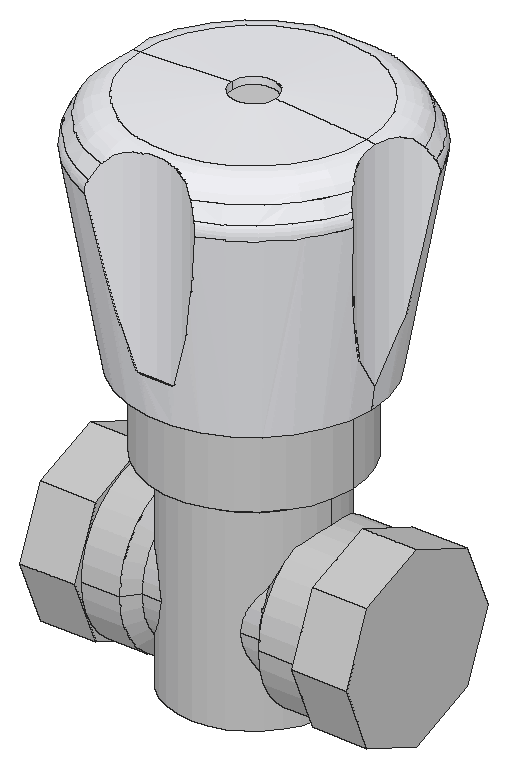
Revit family "PA_Арматура трубопроводов [Кран двойной регулировки (КРДП), VT.004.N]1 - VALTEC", category Арматура трубопроводов, Revit 2018
Family settings
  Размер круглого соединителя = Использовать диаметр
  Тип детали = Вставляется
  На основе рабочей плоскости = Нет
  Всегда вертикально = Да
  При загрузке вырезать с полостями = Нет
  Общий = Нет
Parameters (values of type "VT.004.N")
  Таблица 2 = "PA_Арматура трубопроводов [Кран двойной регулировки (КРДП), VT.004.N] - VALTEC - Таблица 2"  # constant formula
  Таблица 1 = "PA_Арматура трубопроводов [Кран двойной регулировки (КРДП), VT.004.N] - VALTEC - Таблица 1"  # constant formula
  Изготовитель = "VALTEC"  # constant formula
  b3 [instance] = size_lookup(Таблица 1, "b3", 0 mm, d)  # 12.4 mm
  B [instance] = size_lookup(Таблица 1, "B", 0 mm, d)  # 82 mm
  b2 [instance] = size_lookup(Таблица 1, "b2", 0 mm, d)  # 1.9 mm
  d5 [instance] = size_lookup(Таблица 1, "d5", 0 mm, d)  # 24.8 mm
  d4 [instance] = size_lookup(Таблица 1, "d4", 0 mm, d)  # 31.4 mm
  d3 [instance] = size_lookup(Таблица 1, "d3", 0 mm, d)  # 21.4 mm
  d2 [instance] = size_lookup(Таблица 1, "d2", 0 mm, d)  # 25.8 mm
  d1 [instance] = size_lookup(Таблица 1, "d1", 0 mm, d)  # 28.1 mm
  d [instance] = 15 mm
  b1 [instance] = size_lookup(Таблица 1, "b1", 0 mm, d)  # 17.2 mm
  a3 [instance] = size_lookup(Таблица 1, "a3", 0 mm, d)  # 8.7 mm
  a2 [instance] = size_lookup(Таблица 1, "a2", 0 mm, d)  # 6.2 mm
  a1 [instance] = size_lookup(Таблица 1, "a1", 0 mm, d)  # 1.8 mm
  URL = "https://valtec.ru/"
  ADSK_Расход жидкости [instance] = 0.0 L/s
  ADSK_Примечание [instance] = ""
  ADSK_Потеря давления жидкости [instance] = 0.0 Pa
  ADSK_Позиция [instance] = ""
  ADSK_Обозначение [instance] = "VT.004.N"  # constant formula
  ADSK_Наименование [instance] = size_lookup(Таблица 1, "", "Данный типоразмер отсутствует", d)  # "Кран двойной регулировки (КРДП), 1/2\""
  ADSK_Материал = Сталь, нержавеющая - VALTEC
  ADSK_Масса [instance] = if(d = 15 mm, 0.275, if(d = 20 mm, 0.649, 0))  # 0.275
  ADSK_Марка [instance] = size_lookup(Таблица 2, "", "Данный типоразмер отсутствует", d)  # "VT.004.N.04"
  ADSK_Код изделия [instance] = size_lookup(Таблица 2, "", "Данный типоразмер отсутствует", d)  # "VT.004.N.04"
  ADSK_Завод-изготовитель [instance] = Изготовитель  # "VALTEC"
  ADSK_Единица измерения [instance] = "шт."  # constant formula
  ADSK_URL страницы изделия = "https://valtec.ru/catalog/radiatornaya_armatura/ruchnye_klapany_dlya_radiatorov/kran_dvojnoj_regulirovki_krdp_vt004n.html"
  ADSK_URL документации изделия = "https://valtec.ru/document/technical/VT.004-1217.pdf"
  A [instance] = size_lookup(Таблица 1, "A", 0 mm, d)  # 52 mm
Reference planes
  plane 1 "По центру (Вперед/Назад)": y = 0
  plane 2: z = 0
  plane 3 "По центру (Влево/Вправо)": x = 0
  plane 4: x = -9.3
  plane 5: z = 67.95
  plane 6: x = -11.1
  plane 7: x = -17.3
  plane 8: x = -26
  plane 9: x = 9.3
  plane 10: x = 11.1
  plane 11: x = 17.3
  plane 12: x = 26
  plane 13: z = 31.5
  plane 14: z = 19.1
  plane 15: z = 17.2
  plane 16: z = -14.05
  plane 17: z = 14.05
Forms (mm)
  Extrusion 1, solid, material "Сталь, нержавеющая - VALTEC" <- "ADSK_Материал", detail levels medium+fine
    sketch origin (0, 0, 0) x (0, 1, 0) y (0, 0, 1)
      loop
        circle (0, 0) r 12.9
    from -17.3 to -11.1
  Extrusion 2, solid, material "Сталь, нержавеющая - VALTEC" <- "ADSK_Материал", detail levels medium+fine
    sketch origin (0, 0, 0) x (0, 1, 0) y (0, 0, 1)
      loop
        circle (0, 0) r 12.9
    from 11.1 to 17.3
  Blend 3, solid, material "Сталь, нержавеющая - VALTEC" <- "ADSK_Материал", detail levels medium+fine
    base sketch origin (0, 0, 0) x (0, 1, 0) y (0, 0, 1)
      loop
        circle (0, 0) r 12.9
    top sketch origin (0, 0, 0) x (0, 1, 0) y (0, 0, 1)
      loop
        circle (0, 0) r 10.7
    from -11.1 to -9.3
  Blend 4, solid, material "Сталь, нержавеющая - VALTEC" <- "ADSK_Материал", detail levels medium+fine
    base sketch origin (0, 0, 0) x (0, 1, 0) y (0, 0, 1)
      loop
        circle (0, 0) r 10.7
    top sketch origin (0, 0, 0) x (0, 1, 0) y (0, 0, 1)
      loop
        circle (0, 0) r 12.9
    from 9.3 to 11.1
  Extrusion 5, solid, material "Сталь, нержавеющая - VALTEC" <- "ADSK_Материал", detail levels medium+fine
    sketch origin (0, 0, 0) x (0, 1, 0) y (0, 0, 1)
      loop
        circle (0, 0) r 10.7
    from -9.3 to 9.3
  Extrusion 6, solid, material "Сталь, нержавеющая - VALTEC" <- "ADSK_Материал", detail levels medium+fine
    sketch origin (0, 0, 0) x (1, 0, 0) y (0, 1, 0)
      loop
        circle (0, 0) r 15.7
    from 19.1 to 31.5
  Extrusion 7, solid, material "Сталь, нержавеющая - VALTEC" <- "ADSK_Материал", detail levels medium+fine
    sketch origin (0, 0, 0) x (1, 0, 0) y (0, 1, 0)
      loop
        circle (0, 0) r 12.4
    from -14.05 to 17.2
  Blend 8, solid, material "Сталь, нержавеющая - VALTEC" <- "ADSK_Материал", detail levels medium+fine
    base sketch origin (0, 0, 0) x (1, 0, 0) y (0, 1, 0)
      loop
        circle (0, 0) r 12.4
    top sketch origin (0, 0, 0) x (1, 0, 0) y (0, 1, 0)
      loop
        circle (0, 0) r 15.7
    from 17.2 to 19.1
Cuts and joins
  joined: Extrusion 1, Extrusion 2, Blend 3, Blend 4, Extrusion 5, Extrusion 6, Extrusion 7, Blend 8
Lines and regions (mm)
  reference lines
    curve 1: line (-26, 0, 0) -> (26, 0, 0)
  symbolic lines, detail levels coarse
    curve 2: line (-26, 0, 14.05) -> (-26, 0, -14.05)
    curve 3: line (26, 0, 14.05) -> (26, 0, -14.05)
    curve 4: line (-26, 0, -14.05) -> (26, 0, 14.05)
    curve 5: line (26, 0, -14.05) -> (-26, 0, 14.05)
    curve 10: line (0, 0, 67.95) -> (0, 0, 0)
    curve 11: line (0, 0, 0) -> (-10, 0, 17.321)
    curve 12: line (0, 0, 0) -> (10, 0, 17.321)
  model lines, detail levels coarse
    curve 6: line (-26, 14.05, 0) -> (-26, -14.05, 0)
    curve 7: line (26, 14.05, 0) -> (26, -14.05, 0)
    curve 8: line (-26, 14.05, 0) -> (26, -14.05, 0)
    curve 9: line (26, 14.05, 0) -> (-26, -14.05, 0)
    curve 13: line (0, 0, 0) -> (0, 54, 0)
    curve 14: line (0, 0, 0) -> (-10, 17.321, 0)
    curve 15: line (0, 0, 0) -> (10, 17.321, 0)
Dimensions and locks
  "a1": plane 4 to plane 6
  "a2": plane 6 to plane 7
  "a3": plane 7 to plane 8
  "a1": plane 9 to plane 10
  "a2": plane 10 to plane 11
  "a3": plane 11 to plane 12
  equal spacing: plane 12, plane 3 "По центру (Влево/Вправо)", plane 8
  "A": plane 12 to plane 8
  "b1": plane 15 to plane 2
  "b2": plane 14 to plane 15
  "b3": plane 13 to plane 14
  equal spacing: plane 17, plane 2, plane 16
  "d1": plane 17 to plane 16
  "B": plane 5 to plane 16
  "d2": diameter of Extrusion 1 sketch curve
  "d2": diameter of Extrusion 2 sketch curve
  "d2": diameter of Blend 3 sketch curve
  "d3": diameter of Blend 3 sketch curve
  "d3": diameter of Blend 4 sketch curve
  "d2": diameter of Blend 4 sketch curve
  "d3": diameter of Extrusion 5 sketch curve
  "d4": diameter of Extrusion 6 sketch curve
  "d5": diameter of Extrusion 7 sketch curve
  "d5": diameter of Blend 8 sketch curve
  "d4": diameter of Blend 8 sketch curve
  locked: plane 3 "По центру (Влево/Вправо)" to curve 11 (angle 30.00°)
  locked: curve 12 to plane 3 "По центру (Влево/Вправо)" (angle 30.00°)
  locked: plane 3 "По центру (Влево/Вправо)" to curve 14 (angle 30.00°)
  locked: curve 15 to plane 3 "По центру (Влево/Вправо)" (angle 30.00°)
  aligned and locked: level to plane 2
  aligned and locked: plane 1 "По центру (Вперед/Назад)" to nested 2
  aligned and locked: plane 1 "По центру (Вперед/Назад)" to nested 1
  aligned and locked: nested 1 to plane 8
  aligned and locked: nested 2 to plane 12
  aligned and locked: nested 1 to level
  aligned and locked: nested 2 to level
  aligned and locked: level to Extrusion 1 sketch curve
  aligned and locked: plane 1 "По центру (Вперед/Назад)" to Extrusion 1 sketch curve
  aligned and locked: level to Extrusion 2 sketch curve
  aligned and locked: plane 1 "По центру (Вперед/Назад)" to Extrusion 2 sketch curve
  aligned and locked: plane 1 "По центру (Вперед/Назад)" to Blend 3 sketch curve  (x2)
  aligned and locked: level to Blend 3 sketch curve  (x2)
  aligned and locked: plane 1 "По центру (Вперед/Назад)" to Blend 4 sketch curve  (x2)
  aligned and locked: level to Blend 4 sketch curve  (x2)
  aligned and locked: Blend 3 to plane 6
  aligned and locked: plane 4 to Blend 3
  aligned and locked: plane 6 to Extrusion 1
  aligned and locked: Extrusion 1 to plane 7
  aligned and locked: plane 9 to Blend 4
  aligned and locked: plane 10 to Extrusion 2
  aligned and locked: Blend 4 to plane 10
  aligned and locked: Extrusion 2 to plane 11
  aligned and locked: level to Extrusion 5 sketch curve
  aligned and locked: plane 1 "По центру (Вперед/Назад)" to Extrusion 5 sketch curve
  aligned and locked: Extrusion 5 to plane 4
  aligned and locked: Extrusion 5 to plane 9
  aligned and locked: plane 3 "По центру (Влево/Вправо)" to Extrusion 6 sketch curve
  aligned and locked: plane 1 "По центру (Вперед/Назад)" to Extrusion 6 sketch curve
  aligned and locked: plane 3 "По центру (Влево/Вправо)" to Extrusion 7 sketch curve
  aligned and locked: plane 1 "По центру (Вперед/Назад)" to Extrusion 7 sketch curve
  aligned and locked: plane 3 "По центру (Влево/Вправо)" to Blend 8 sketch curve  (x2)
  aligned and locked: plane 1 "По центру (Вперед/Назад)" to Blend 8 sketch curve  (x2)
  aligned and locked: plane 15 to Blend 8
  aligned and locked: Blend 8 to plane 14
  aligned and locked: plane 14 to Extrusion 6
  aligned and locked: Extrusion 6 to plane 13
  aligned and locked: Extrusion 7 to plane 15
  aligned and locked: plane 16 to Extrusion 7
  aligned and locked: plane 12 to curve 1
  aligned and locked: plane 8 to curve 1
  aligned and locked: curve 1 to level
  aligned and locked: nested 3 to plane 1 "По центру (Вперед/Назад)"
  aligned and locked: plane 3 "По центру (Влево/Вправо)" to nested 3
  aligned and locked: plane 13 to nested 3
  aligned and locked: plane 17 to curve 3
  aligned and locked: plane 16 to curve 3
  aligned and locked: plane 16 to curve 2
  aligned and locked: plane 17 to curve 2
  aligned and locked: plane 12 to curve 5
  aligned and locked: plane 8 to curve 5
  aligned and locked: plane 8 to curve 4
  aligned and locked: plane 12 to curve 4
  aligned and locked: level to curve 10
  aligned and locked: plane 5 to curve 10
  aligned and locked: curve 10 to plane 3 "По центру (Влево/Вправо)"
  aligned and locked: plane 3 "По центру (Влево/Вправо)" to curve 13
Automatic sketch dimensions
  curve 12 to level = 0 mm
  curve 11 to level = 0 mm
  curve 6 to plane 8 = 0 mm
  plane 1 "По центру (Вперед/Назад)" to curve 15 = 0 mm
  curve 15 to plane 3 "По центру (Влево/Вправо)" = 0 mm
  plane 1 "По центру (Вперед/Назад)" to curve 14 = 0 mm
  curve 9 to plane 12 = 0 mm
  plane 1 "По центру (Вперед/Назад)" to curve 13 = 0 mm
  curve 7 to curve 15 = 3.271 mm
  curve 6 to curve 14 = 3.271 mm
  curve 14 to curve 13 = 36.679 mm
Nested families
  nested 1: "Гайка - горизонталь" at (-21.65, 0, 0), ADSK_Материал <- "ADSK_Материал", B <- "a3", d3 <- "d1", type "Гайка - горизонталь", detail levels medium+fine
    with hr 25.961 mm, d3 28.1 mm, B 8.7 mm, ADSK_Материал Сталь, нержавеющая - VALTEC
  nested 2: "Гайка - горизонталь" at (21.65, 0, 0), ADSK_Материал <- "ADSK_Материал", B <- "a3", d3 <- "d1", type "Гайка - горизонталь", detail levels medium+fine
    with hr 25.961 mm, d3 28.1 mm, B 8.7 mm, ADSK_Материал Сталь, нержавеющая - VALTEC
  nested 3: "MM_Обобщенные модели [колпачок, VT.004.N] - VALTEC" at (0, 0, 31.5), type "VT.TE3042.0", detail levels medium+fine
Connectors
  piping at (-26, 0, 0), diameter 15, driven by "d", driven by "ADSK_Расход жидкости", driven by "ADSK_Потеря давления жидкости"
    settings: on curve 1, index 1, connector inside diameter 609.6 mm, connector length 0 mm, flow factor 0, pipe flow 0.0 L/s, pressure drop 0.0 Pa, fitting loss kfactor 0, connector angle 0.00°, fixture units 0, engagement length 0 mm, angle of deflection 0.00°, flow configuration 0, flow direction 0, fitting loss method 4, system type 29, joint type 0, gender type 0, connector reference index 2, connector utility 0, adjustable connector no, is connector primary yes, connector description ""
  piping at (26, 0, 0), diameter 15, driven by "d", driven by "ADSK_Расход жидкости"
    settings: on curve 1, index 2, connector inside diameter 609.6 mm, connector length 0 mm, flow factor 0, pipe flow 0.0 L/s, pressure drop 0.0 Pa, fitting loss kfactor 0, connector angle 0.00°, fixture units 0, engagement length 0 mm, angle of deflection 0.00°, flow configuration 0, flow direction 0, fitting loss method 0, system type 29, joint type 0, gender type 0, connector reference index 1, connector utility 0, adjustable connector no, is connector primary no, connector description ""
Definition of nested family "Гайка - горизонталь"
  Parameters (values of type "Гайка - горизонталь")
    hr [instance] = d3 / 2 * cos(180.00° / 8) * 2  # 588.881 mm
    d3 [instance] = 637.4 mm
    B [instance] = 637.4 mm
    ADSK_Материал [instance] = none
  Reference planes
    plane 1 "По центру (Вперед/Назад)": y = 0
    plane 2: z = 0
    plane 3 "По центру (Влево/Вправо)": x = 0
    plane 4: y = 318.7
    plane 5: y = -318.7
    plane 6: through (0, -912.519, 2972.425) normal (0, -0.9239, -0.3827)
    plane 7: through (0, -1234.338, 2979.956) normal (0, -0.9239, -0.3827)
    plane 8: through (0, -1556.157, 2987.486) normal (0, -0.9239, -0.3827)
    plane 9: through (0, 1234.338, 2979.956) normal (0, -0.9239, 0.3827)
    plane 10: through (0, -2420.114, 1321.144) normal (0, -0.3827, -0.9239)
    plane 11: through (0, -2532.792, 1049.117) normal (0, -0.3827, -0.9239)
    plane 12: through (0, -2645.469, 777.089) normal (0, -0.3827, -0.9239)
    plane 13: through (0, 2420.114, 1321.144) normal (0, -0.3827, 0.9239)
    plane 14: through (0, 2532.792, 1049.117) normal (0, -0.3827, 0.9239)
    plane 15: through (0, 2645.469, 777.089) normal (0, -0.3827, 0.9239)
    plane 16: through (0, 912.519, 2972.425) normal (0, -0.9239, 0.3827)
    plane 17: through (0, 1234.338, 2979.956) normal (0, -0.9239, 0.3827)
    plane 18: through (0, 1556.157, 2987.486) normal (0, -0.9239, 0.3827)
    plane 19: x = 318.7
    plane 20: x = -318.7
  Forms (mm)
    Extrusion 1, solid, material <- "ADSK_Материал"
      sketch origin (0, 0, 0) x (0, 1, 0) y (0, 0, 1)
        loop
          line (0, 318.7) -> (-225.355, 225.355) -> (-318.7, 0) -> (-225.355, -225.355) -> (0, -318.7) -> (225.355, -225.355) -> (318.7, 0) -> (225.355, 225.355) -> (0, 318.7)
      from -318.7 to 318.7
  Dimensions and locks
    equal spacing: plane 4, plane 1 "По центру (Вперед/Назад)", plane 5
    "d3": plane 4 to plane 5
    equal spacing: plane 8, plane 7, plane 6
    "hr": plane 8 to plane 6
    equal spacing: plane 12, plane 11, plane 10
    "hr": plane 12 to plane 10
    equal spacing: plane 15, plane 14, plane 13
    "hr": plane 15 to plane 13
    equal spacing: plane 18, plane 17, plane 16
    "hr": plane 18 to plane 16
    equal spacing: plane 20, plane 3 "По центру (Влево/Вправо)", plane 19
    "B": plane 20 to plane 19
    aligned and locked: level to plane 2
    aligned and locked: plane 10 to Extrusion 1 sketch curve
    aligned and locked: plane 13 to Extrusion 1 sketch curve
    aligned and locked: plane 16 to Extrusion 1 sketch curve
    aligned and locked: Extrusion 1 sketch curve to plane 8
    aligned and locked: Extrusion 1 sketch curve to plane 12
    aligned and locked: Extrusion 1 sketch curve to plane 15
    aligned and locked: Extrusion 1 sketch curve to plane 18
    aligned and locked: plane 6 to Extrusion 1 sketch curve
    aligned and locked: plane 19 to Extrusion 1
    aligned and locked: plane 20 to Extrusion 1
    aligned and locked: Extrusion 1 to plane 19
Definition of nested family "MM_Обобщенные модели [колпачок, VT.004.N] - VALTEC"
  Parameters (values of type "VT.TE3042.0")
    Материал доп.1 = none
    Manufacturer = ""
    URL = ""
    ADSK_Материал = none
  Reference planes
    plane 1 "По центру (Вперед/Назад)": y = 0
    plane 2: z = 0
    plane 3 "По центру (Влево/Вправо)": x = 0
    plane 4: z = 39.2
    plane 5: y = 5.5
    plane 6: y = -5.5
    plane 7: x = -24.5
    plane 8: z = 32.2
    plane 9: x = 18.75
    plane 10: x = 24.5
    plane 11: x = -18.75
  Forms (mm)
    Revolve 1, solid, material <- "ADSK_Материал"
      sketch origin (0, 0, 0) x (1, 0, 0) y (0, 0, 1)
        loop
          line (-18.75, 0) -> (0, 0) -> (0, 39.2) -> (-17.971, 38.258)
          arc (-17.971, 38.258) -> (-20.682, 37.417) -> (-22.662, 35.383) r 5.765
          line (-22.662, 35.383) -> (-23.952, 33.149)
          arc (-23.952, 33.149) -> (-24.309, 32.167) -> (-24.307, 31.121) r 3
          line (-24.307, 31.121) -> (-18.75, 0)
        axis (0, 39.2) -> (0, 0)
      angle from 0 to 360
    Extrusion 2, void
      sketch origin (0, -4.566, 0) x (1, 0, 0) y (0, 1, 0)
        loop
          circle (0, -27.826) r 13.056
      from 0 to 41.042
    Extrusion 3, void
      sketch origin (-4.566, 0, 0) x (0, -1, 0) y (1, 0, 0)
        loop
          circle (0, -27.826) r 13.056
      from 0 to 41.042
    Extrusion 4, void
      sketch origin (0, 4.566, 0) x (-1, 0, 0) y (0, -1, 0)
        loop
          circle (0, -27.826) r 13.056
      from 0 to 41.042
    Extrusion 5, void
      sketch origin (4.566, 0, 0) x (0, 1, 0) y (-1, 0, 0)
        loop
          circle (0, -27.826) r 13.056
      from 0 to 41.042
    Extrusion 6, void
      sketch origin (0, 0, 0) x (1, 0, 0) y (0, 1, 0)
        loop
          circle (0, 0) r 3.5
      from 36.308 to 47.554
    Extrusion 7, solid, material <- "Материал доп.1"
      sketch origin (0, 0, 0) x (1, 0, 0) y (0, 1, 0)
        loop
          circle (0, 0) r 3.3
      from 36.308 to 37.996
  Cuts and joins
    Extrusion 2, Extrusion 3, Extrusion 4, Extrusion 5, Extrusion 6 cuts Revolve 1
  Lines and regions (mm)
    reference lines
      curve 1: line (0, 0, 0) -> (0, 0, 25)
      curve 2: line (0, -12.5, 0) -> (0, 12.5, 0)
      curve 3: line (12.5, 0, 0) -> (-12.5, 0, 0)
  Dimensions and locks
    plane 6 to plane 1 "По центру (Вперед/Назад)" to plane 5 = 5.5 mm locked, 5.5 mm locked
    locked: plane 3 "По центру (Влево/Вправо)" to plane 7 at 24.5
    locked: plane 9 to plane 3 "По центру (Влево/Вправо)" at 18.75
    locked: plane 4 to plane 2 at 39.2
    locked: plane 4 to plane 8 at 7
    locked: plane 3 "По центру (Влево/Вправо)" to plane 10 at 24.5
    locked: plane 11 to plane 3 "По центру (Влево/Вправо)" at 18.75
    aligned and locked: level to plane 2
    aligned and locked: level to Revolve 1 sketch curve
    aligned and locked: plane 11 to Revolve 1 sketch curve
    aligned and locked: plane 4 to Revolve 1 sketch curve
    aligned and locked: Revolve 1 sketch curve to plane 3 "По центру (Влево/Вправо)"  (x2)
